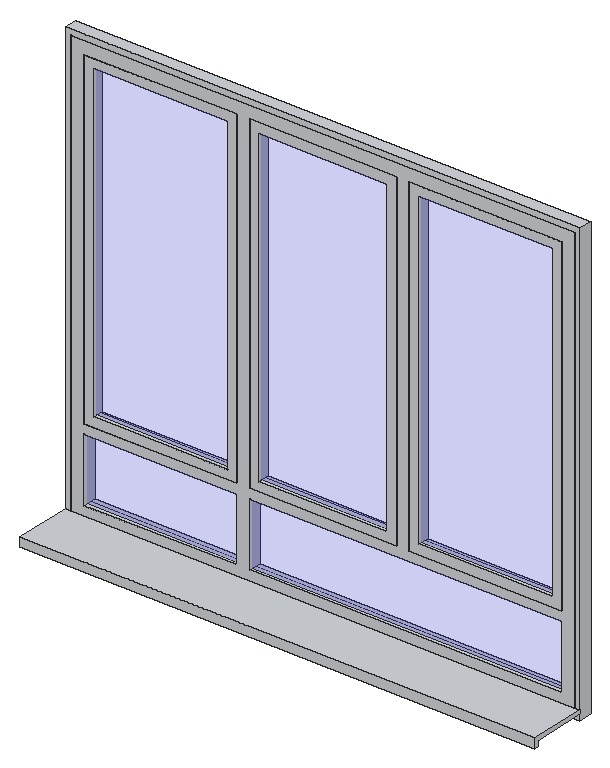
Revit family "AVLN_Окно_Фрамуга общая_3 створки_2 глухие", category Окна, Revit 2021
Family settings
  Основа = Стена
  Номер OmniClass = 23.30.20.00
  Заголовок OmniClass = Windows
  Всегда вертикально = Да
  При загрузке вырезать с полостями = Нет
  Общий = Нет
  Точка принадлежности помещению = Нет
Parameters (values of type "Для копирования!")
  Ширина рамы = 70 mm
  Ширина импоста = 50 mm
  Четверть слева/справа = 50 mm
  Четверть низ = 0 mm  # constant formula
  Четверть верх = 50 mm
  Створка_центр_ширина = 800 mm
  Створка_снизу_ширина = Width - Монтажный зазор_Слева - Монтажный зазор_Справа - Ширина рамы * 3 - Створка_справа_ширина  # 1700 mm
  Створка_снизу_высота = 350 mm
  Створка_толщина = 25 mm  # constant formula
  Толщина основы [instance] = 200 mm
  Створка_справа_ширина = Width - ((Ширина рамы * 4) + (Монтажный зазор_Слева + Монтажный зазор_Справа) + Створка_слева_ширина + Створка_центр_ширина)  # 830 mm
  Створка_слева_ширина = 830 mm
  Створка_профиль = 50 mm
  Створка_высота = Height - (Створка_снизу_высота + (Ширина рамы * 2) + Ширина импоста + (Монтажный зазор_Снизу + Монтажный зазор_Сверху))  # 1800 mm
  Определить тепловые свойства по = Тип схем
  Монтажный зазор_Справа = 30 mm
  Монтажный зазор_Снизу = 30 mm
  Монтажный зазор_Слева = 30 mm
  Монтажный зазор_Сверху = 30 mm
  Model = ""
  Верх право открывание = АВЛН_Створка открывная : Створка откидная
  Верх лево открывание = АВЛН_Створка открывная : Створка откидная
  Rough Width = Width - Монтажный зазор_Слева - Монтажный зазор_Справа  # 2740 mm
  Rough Height = Height - Монтажный зазор_Снизу - Монтажный зазор_Сверху  # 2340 mm
  Подстановочный профиль_Ширина = 20 mm  # constant formula
  Подстановочный профиль_Толщина = 60 mm
  Подоконник_Толщина = 20 mm
  Подоконник_Длина = Width  # 2800 mm
  Подоконник_Глубина = 280 mm
  Подоконник = yes
  Низ открывание = АВЛН_Створка открывная : Створка глухая
  Глубина вставки = 0 mm
  Отлив_Толщина = 1 mm  # constant formula
  Отлив_Длина = Width - [Четверть слева/справа] * 2  # 2700 mm
  Отлив_Глубина = 280 mm
  Отлив = no
  Откос_Н.Ширина = Width - 2 * [Четверть слева/справа]  # 2700 mm
  Откос_Н.Толщина.8 = 32 mm
  Откос_Н.Толщина.7 = 28 mm
  Откос_Н.Толщина.6 = 24 mm
  Откос_Н.Толщина.5 = 20 mm
  Откос_Н.Толщина.4 = 16 mm
  Откос_Н.Толщина.3 = 12 mm
  Откос_Н.Толщина.2 = 8 mm
  Откос_Н.Толщина.1 = 4 mm
  Откос_Н.Отступ_П = 0 mm  # constant formula
  Откос_Н.Отступ_Л = 0 mm  # constant formula
  Откос_Н.Количество слоев = 0
  Откос_Н.Глубина = 150 mm
  Откос_Н.Высота = Height - Четверть верх - Четверть низ  # 2350 mm
  Откос_В.Толщина.8 = 32 mm
  Откос_В.Толщина.7 = 28 mm
  Откос_В.Толщина.6 = 24 mm
  Откос_В.Толщина.5 = 20 mm
  Откос_В.Толщина.4 = 16 mm
  Откос_В.Толщина.3 = 12 mm
  Откос_В.Толщина.2 = 8 mm
  Откос_В.Толщина.1 = 4 mm
  Откос_В.Отступ_П [instance] = Монтажный зазор_Снизу + Подоконник_Толщина  # 50 mm
  Откос_В.Отступ_Л [instance] = Монтажный зазор_Снизу + Подоконник_Толщина  # 50 mm
  Откос_В.Количество слоев = 0
  Откос_В.Глубина [instance] = Толщина основы - Глубина вставки - Ширина рамы  # 130 mm
  М.Подоконник = none
  М.Отлив = none
  М.Откос_Н.8 = none
  М.Откос_Н.7 = none
  М.Откос_Н.6 = none
  М.Откос_Н.5 = none
  М.Откос_Н.4 = none
  М.Откос_Н.3 = none
  М.Откос_Н.2 = none
  М.Откос_Н.1 = ADSK_Полимеры_ Поливинилхлорид_(ПВХ) белый
  М.Откос_В.8 = none
  М.Откос_В.7 = none
  М.Откос_В.6 = none
  М.Откос_В.5 = none
  М.Откос_В.4 = none
  М.Откос_В.3 = none
  М.Откос_В.2 = none
  М.Откос_В.1 = ADSK_Полимеры_ Поливинилхлорид_(ПВХ) белый
  М.Монтажного зазора = none
  М.Стекла = Стекло
  М.Рамы = none
  М.Подоконный профиль = none
  Type Comments = ""
  Height = 2400 mm
  Высота подоконника по умолчанию = 800 mm
  Замыкание стены = По основе
  Width = 2800 mm
  Аналитическая конструкция = "<Нет>"
  АВЛН_Проем_Ширина [instance] = Width  # 2800 mm
  АВЛН_Проем_Высота [instance] = Height  # 2400 mm
  ADSK_Этаж [instance] = ""
  ADSK_Размер_Ширина = Width  # 2800 mm
  ADSK_Размер_Высота = Height  # 2400 mm
  ADSK_Примечание [instance] = ""
  ADSK_Площадь = Height * Width  # 6.72 m²
  ADSK_Обозначение = ""
  ADSK_Номер секции [instance] = ""
  ADSK_Наименование = ""
  ADSK_Марка = ""
  ADSK_Группирование = ""
  -----------Разрезка----------- = "-----------"  # constant formula
  -----------Профили----------- = "-----------"  # constant formula
  -----------Подоконник----------- = "-----------"  # constant formula
  -----------Отлив----------- = "-----------"  # constant formula
  -----------Откос----------- = "-----------"  # constant formula
  -----------Основные габариты----------- = "-----------"  # constant formula
  -----------Вставка----------- = "-----------"  # constant formula
Reference planes
  plane 1 "По центру (Вперед/Назад)": y = 0
  plane 2 "По центру (Влево/Вправо)": x = 0
  plane 3 "Слева": x = -1400
  plane 4 "Справа": x = 1400
  plane 5 "Подоконник": z = 800
  plane 6 "Заголовок": z = 3200
  plane 7 "Наружный": y = 100
  plane 8 "Внутренние": y = -100
  plane 9 "Окно": y = 100
  plane 10: x = 1370
  plane 11: z = 3170
  plane 12: x = -1370
  plane 13: z = 830
  plane 14: x = 1350
  plane 15: x = -1350
  plane 16: z = 2000
  plane 17: y = 600
  plane 18: y = -400
  plane 19: z = 3150
  plane 20 "Чет. низ": z = 800
  plane 21 "Внутряння грань": y = 30
  plane 22: y = 80
  plane 23 "Импост верх": z = 1300
  plane 24 "Импост низ": z = 1250
  plane 25: z = 900
  plane 26: z = 3100
  plane 27: x = -1300
  plane 28: x = 1300
  plane 29 "4": z = 1275
  plane 30 "5": x = 400
  plane 31 "6": x = 470
  plane 32 "9": x = 0
  plane 33 "10": x = 885
  plane 34 "11": x = -885
  plane 35 "12": z = 2200
  plane 36: z = 1075
  plane 37 "14": x = -470
  plane 38 "15": x = -400
  plane 39 "16": x = 0
  plane 40 "17": x = 450
Forms (mm)
  Extrusion 1, void
    sketch origin (0, 100, 0) x (1, 0, 0) y (0, 0, 1)
      loop
        line (1350, 3150) -> (-1350, 3150) -> (-1350, 800) -> (1350, 800) -> (1350, 3150)
    from -500 to 20
  Extrusion 2, void
    sketch origin (0, 100, 0) x (1, 0, 0) y (0, 0, 1)
      loop
        line (1400, 3200) -> (-1400, 3200) -> (-1400, 800) -> (1400, 800) -> (1400, 3200)
    from 0 to 500
  Extrusion 3, solid, material <- "М.Монтажного зазора", detail levels medium+fine
    sketch origin (0, 100, 0) x (1, 0, 0) y (0, 0, 1)
      loop
        line (1400, 3200) -> (-1400, 3200) -> (-1400, 800) -> (1400, 800) -> (1400, 3200)
      loop
        line (-1370, 3170) -> (-1370, 830) -> (1370, 830) -> (1370, 3170) -> (-1370, 3170)
    from 0 to 70
  Extrusion 4, solid, material <- "М.Рамы", detail levels medium+fine
    sketch origin (0, 100, 0) x (-1, 0, 0) y (0, 0, 1)
      loop
        line (-1370, 3170) -> (-1370, 830) -> (1370, 830) -> (1370, 3170) -> (-1370, 3170)
      loop
        line (-400, 3100) -> (-400, 1300) -> (400, 1300) -> (400, 3100) -> (-400, 3100)
      loop
        line (1300, 900) -> (1300, 1250) -> (470, 1250) -> (470, 900) -> (1300, 900)
      loop
        line (1300, 3100) -> (470, 3100) -> (470, 1300) -> (1300, 1300) -> (1300, 3100)
      loop
        line (-1300, 1250) -> (-1300, 900) -> (400, 900) -> (400, 1250) -> (-1300, 1250)
      loop
        line (-470, 3100) -> (-1300, 3100) -> (-1300, 1300) -> (-470, 1300) -> (-470, 3100)
    from -70 to 0
Lines and regions (mm)
  reference lines
    curve 1: line (-1400, -100, 1275) -> (1400, -100, 1275)
    curve 2: line (435, -100, 3200) -> (435, -100, 800)
Text (mm)
  text "EXTERIOR" at (-1963.203, 1332.353, 0), in view "Опорный уровень"
  text "INTERIOR" at (-1981.466, -818.386, 0), in view "Опорный уровень"
  text "Наружный" at (0, 923.751, 2943.296), in view "Справа"
  text "Наружный" at (0, 1240.237, 2685.409), in view "Слева"
Dimensions and locks
  equal spacing: plane 3 "Слева", plane 2 "По центру (Влево/Вправо)", plane 4 "Справа"
  "Width": plane 3 "Слева" to plane 4 "Справа"
  "Height": plane 5 "Подоконник" to plane 6 "Заголовок"
  "Высота подоконника по умолчанию": plane 5 "Подоконник" to level
  locked: plane 7 "Наружный" to host wall
  locked: plane 8 "Внутренние" to host wall
  "Глубина вставки": plane 9 "Окно" to plane 7 "Наружный"
  "Монтажный зазор_Справа": plane 10 to plane 4 "Справа"
  "Монтажный зазор_Слева": plane 3 "Слева" to plane 12
  "Монтажный зазор_Сверху": plane 11 to plane 6 "Заголовок"
  "Монтажный зазор_Снизу": plane 5 "Подоконник" to plane 13
  "Четверть слева/справа": plane 14 to plane 4 "Справа"
  "Четверть слева/справа": plane 3 "Слева" to plane 15
  equal spacing: plane 5 "Подоконник", plane 16, plane 6 "Заголовок"
  locked: plane 7 "Наружный" to plane 17 at 500
  locked: plane 18 to plane 8 "Внутренние" at 300
  "Четверть верх": plane 19 to plane 6 "Заголовок"
  "Четверть низ": plane 5 "Подоконник" to plane 20 "Чет. низ"
  "Ширина рамы": plane 9 "Окно" to plane 21 "Внутряння грань"
  "Толщина основы": host wall to host wall
  locked: plane 22 to plane 21 "Внутряння грань" at 50
  "Ширина импоста": plane 24 "Импост низ" to plane 23 "Импост верх"
  "Ширина рамы": plane 28 to plane 10
  "Ширина рамы": plane 12 to plane 27
  "Ширина рамы": plane 13 to plane 25
  "Ширина рамы": plane 26 to plane 11
  plane 23 "Импост верх" to plane 26 = 1800 mm  (x2)
  "Створка_снизу_высота": plane 25 to plane 24 "Импост низ"
  equal spacing: plane 23 "Импост верх", plane 29 "4", plane 24 "Импост низ"
  "Ширина рамы": plane 30 "5" to plane 31 "6"
  equal spacing: plane 30 "5", curve 2, plane 31 "6"
  equal spacing: plane 31 "6", plane 33 "10", plane 28
  equal spacing: plane 27, plane 34 "11", plane 37 "14"
  equal spacing: plane 26, plane 35 "12", plane 23 "Импост верх"
  equal spacing: plane 24 "Импост низ", plane 36, plane 25
  plane 31 "6" to plane 28 = 830 mm  (x2)
  plane 25 to plane 36 to plane 24 "Импост низ" = 175 mm, 175 mm
  "Ширина рамы": plane 37 "14" to plane 38 "15"
  plane 37 "14" to plane 38 "15" = 70 mm
  "Створка_центр_ширина": plane 38 "15" to plane 30 "5"
  "Створка_слева_ширина": plane 27 to plane 37 "14"
  equal spacing: plane 38 "15", plane 39 "16", plane 30 "5"
  equal spacing: plane 38 "15", plane 40 "17", plane 28
  aligned and locked: Extrusion 1 sketch curve to plane 14
  aligned and locked: Extrusion 1 sketch curve to plane 15
  aligned and locked: Extrusion 1 to plane 17
  aligned and locked: Extrusion 2 sketch curve to plane 6 "Заголовок"
  aligned and locked: Extrusion 2 sketch curve to plane 4 "Справа"
  aligned and locked: plane 5 "Подоконник" to Extrusion 2 sketch curve
  aligned and locked: plane 3 "Слева" to Extrusion 2 sketch curve
  aligned and locked: Extrusion 2 to plane 9 "Окно"
  aligned and locked: Extrusion 2 to plane 18
  aligned and locked: Extrusion 1 sketch curve to plane 19
  aligned and locked: plane 20 "Чет. низ" to Extrusion 1 sketch curve
  aligned and locked: plane 9 "Окно" to nested 1
  aligned and locked: plane 2 "По центру (Влево/Вправо)" to nested 1
  aligned and locked: nested 2 to plane 21 "Внутряння грань"
  aligned and locked: nested 2 to plane 2 "По центру (Влево/Вправо)"
  aligned and locked: nested 3 to plane 2 "По центру (Влево/Вправо)"
  aligned and locked: plane 8 "Внутренние" to nested 3
  aligned and locked: nested 4 to plane 9 "Окно"
  aligned and locked: Extrusion 3 sketch curve to plane 6 "Заголовок"
  aligned and locked: Extrusion 3 sketch curve to plane 4 "Справа"
  aligned and locked: Extrusion 3 sketch curve to nested 2  (x2)
  aligned and locked: Extrusion 3 sketch curve to plane 11
  aligned and locked: Extrusion 3 sketch curve to plane 12
  aligned and locked: Extrusion 3 sketch curve to plane 13
  aligned and locked: Extrusion 3 sketch curve to plane 10
  aligned and locked: Extrusion 3 to nested 2
  aligned and locked: Extrusion 4 sketch curve to plane 24 "Импост низ"
  aligned and locked: plane 23 "Импост верх" to Extrusion 4 sketch curve
  aligned and locked: Extrusion 4 sketch curve to Extrusion 4 sketch curve
  aligned and locked: plane 27 to Extrusion 4 sketch curve
  aligned and locked: Extrusion 4 sketch curve to plane 12
  aligned and locked: Extrusion 4 sketch curve to plane 13
  aligned and locked: Extrusion 4 sketch curve to plane 26
  aligned and locked: Extrusion 4 sketch curve to plane 11
  aligned and locked: plane 20 "Чет. низ" to nested 4
  aligned and locked: nested 4 to plane 2 "По центру (Влево/Вправо)"
  aligned and locked: Extrusion 3 to plane 9 "Окно"
  aligned and locked: Extrusion 4 to plane 21 "Внутряння грань"
  aligned and locked: Extrusion 4 to plane 9 "Окно"
  aligned and locked: Extrusion 1 to plane 22
  aligned and locked: curve 1 to plane 29 "4"
  aligned and locked: plane 3 "Слева" to curve 1
  aligned and locked: plane 4 "Справа" to curve 1
  aligned and locked: Extrusion 4 sketch curve to plane 10
  aligned and locked: plane 26 to Extrusion 4 sketch curve
  aligned and locked: Extrusion 4 sketch curve to plane 28
  aligned and locked: Extrusion 4 sketch curve to plane 23 "Импост верх"
  aligned and locked: Extrusion 4 sketch curve to plane 31 "6"
  aligned and locked: plane 6 "Заголовок" to curve 2
  aligned and locked: plane 5 "Подоконник" to curve 2
  aligned and locked: plane 28 to Extrusion 4
  aligned and locked: Extrusion 4 to plane 27
  aligned and locked: plane 32 "9" to nested 5
  aligned and locked: nested 5 to plane 16
  aligned and locked: plane 33 "10" to nested 6
  aligned and locked: nested 6 to plane 35 "12"
  aligned and locked: plane 34 "11" to nested 7
  aligned and locked: nested 7 to plane 35 "12"
  aligned and locked: plane 39 "16" to nested 8
  aligned and locked: nested 8 to Extrusion 4
  aligned and locked: Extrusion 4 sketch curve to plane 37 "14"  (x2)
  aligned and locked: plane 38 "15" to Extrusion 4 sketch curve  (x2)
  aligned and locked: nested 9 to plane 25
  aligned and locked: plane 40 "17" to nested 9
  aligned and locked: nested 10 to plane 25
  aligned and locked: plane 34 "11" to nested 10
Automatic sketch dimensions
  Extrusion 4 sketch curve to plane 25 = 0 mm  (x2)
  plane 28 to Extrusion 4 sketch curve = 0 mm
  plane 30 "5" to Extrusion 4 sketch curve = 0 mm
  Extrusion 4 sketch curve to plane 23 "Импост верх" = 0 mm
  Extrusion 4 sketch curve to plane 26 = 0 mm
  Extrusion 4 sketch curve to Extrusion 4 sketch curve = 0 mm
Nested families
  nested 1: "Отлив" at (0, 100, 800) x (-1, 0, 0) z (0, 0, 1), Глубина отлива <- "Отлив_Глубина", Длина отлива <- "Отлив_Длина", ТО <- "Отлив_Толщина", Ш_МЗЗ <- "Монтажный зазор_Снизу", Ш_ПП <- "Подстановочный профиль_Ширина", ADSK_Группирование <- "ADSK_Группирование", ADSK_Номер секции <- "ADSK_Номер секции", ADSK_Этаж <- "ADSK_Этаж", visible <- "Отлив", М <- "М.Отлив", type "Отлив", detail levels fine
    with Ш_ПП 20 mm, Ш_МЗЗ 30 mm, ТО 1 mm, М none, Длина отлива 2700 mm, Глубина отлива 280 mm, ADSK_Этаж "", ADSK_Примечание "", ADSK_Обозначение "", ADSK_Номер секции "", ADSK_Наименование "", ADSK_Марка "", ADSK_Группирование ""
  nested 2: "Подоконник" at (0, 30, 800), Глубина подоконника <- "Подоконник_Глубина", Длина отлива <- "Подоконник_Длина", ТП <- "Подоконник_Толщина", Ш_МЗЗ <- "Монтажный зазор_Снизу", Ш_ПП <- "Подстановочный профиль_Ширина", ADSK_Группирование <- "ADSK_Группирование", ADSK_Номер секции <- "ADSK_Номер секции", ADSK_Этаж <- "ADSK_Этаж", visible <- "Подоконник", М <- "М.Подоконник", type "Подоконник", detail levels fine
    with Ш_ПП 20 mm, Ш_МЗЗ 30 mm, ТП 20 mm, М none, Длина отлива 2800 mm, Глубина подоконника 280 mm, ADSK_Этаж "", ADSK_Примечание "", ADSK_Обозначение "", ADSK_Номер секции "", ADSK_Наименование "", ADSK_Марка "", ADSK_Группирование ""
  nested 3: "AVLN_Откосы_R19" at (0, -100, 0), Глубина <- "Откос_В.Глубина", Высота от уровня <- "Высота подоконника по умолчанию", ADSK_Группирование <- "Type Comments", ADSK_Этаж <- "ADSK_Этаж", ADSK_Номер секции <- "ADSK_Номер секции", Материал_1 <- "М.Откос_В.1", Материал_2 <- "М.Откос_В.2", Материал_3 <- "М.Откос_В.3", Материал_4 <- "М.Откос_В.4", Материал_5 <- "М.Откос_В.5", Материал_6 <- "М.Откос_В.6", Материал_7 <- "М.Откос_В.7", Материал_8 <- "М.Откос_В.8", Толщина_1 <- "Откос_В.Толщина.1", Толщина_2 <- "Откос_В.Толщина.2", Толщина_3 <- "Откос_В.Толщина.3", Толщина_4 <- "Откос_В.Толщина.4", Толщина_5 <- "Откос_В.Толщина.5", Толщина_6 <- "Откос_В.Толщина.6", Толщина_7 <- "Откос_В.Толщина.7", Толщина_8 <- "Откос_В.Толщина.8", Количество слоев <- "Откос_В.Количество слоев", Отступ_Л <- "Откос_В.Отступ_Л", Отступ_П <- "Откос_В.Отступ_П", Высота <- "Height", Ширина <- "Width", type "AVLN_Откосы_R19"
    with Ширина_8 2576 mm, Ширина_7 2632 mm, Ширина_6 2680 mm, Ширина_5 2720 mm, Ширина_4 2752 mm, Ширина_3 2776 mm, Ширина_2 2792 mm, Ширина 2800 mm, Толщина_8 32 mm, Толщина_7 28 mm, Толщина_6 24 mm, Толщина_5 20 mm, Толщина_4 16 mm, Толщина_3 12 mm, Толщина_2 8 mm, Толщина_1 4 mm, Отступ_П 50 mm, Отступ_Л 50 mm, Материал_8 none, Материал_7 none, Материал_6 none, Материал_5 none, Материал_4 none, Материал_3 none, Материал_2 none, Материал_1 ADSK_Полимеры_ Поливинилхлорид_(ПВХ) белый, Количество слоев 0, Глубина 130 mm, Высота_8 2288 mm, Высота_7 2316 mm, Высота_6 2340 mm, Высота_5 2360 mm, Высота_4 2376 mm, Высота_3 2388 mm, Высота_2 2396 mm, Высота от уровня 800 mm, Высота 2400 mm, Видимость_8 no, Видимость_7 no, Видимость_6 no, Видимость_5 no, Видимость_4 no, Видимость_3 no, Видимость_2 no, Видимость_1 no, ADSK_Этаж "", ADSK_Номер секции "", ADSK_Группирование ""
  nested 4: "AVLN_Откосы_R19" at (0, 100, 0), Ширина <- "Откос_Н.Ширина", Глубина <- "Откос_Н.Глубина", Высота <- "Откос_Н.Высота", Высота от уровня <- "Высота подоконника по умолчанию", ADSK_Группирование <- "Type Comments", ADSK_Этаж <- "ADSK_Этаж", ADSK_Номер секции <- "ADSK_Номер секции", Материал_1 <- "М.Откос_Н.1", Материал_2 <- "М.Откос_Н.2", Материал_3 <- "М.Откос_Н.3", Материал_4 <- "М.Откос_Н.4", Материал_5 <- "М.Откос_Н.5", Материал_6 <- "М.Откос_Н.6", Материал_7 <- "М.Откос_Н.7", Материал_8 <- "М.Откос_Н.8", Толщина_1 <- "Откос_Н.Толщина.1", Толщина_2 <- "Откос_Н.Толщина.2", Толщина_3 <- "Откос_Н.Толщина.3", Толщина_4 <- "Откос_Н.Толщина.4", Толщина_5 <- "Откос_Н.Толщина.5", Толщина_6 <- "Откос_Н.Толщина.6", Толщина_7 <- "Откос_Н.Толщина.7", Толщина_8 <- "Откос_Н.Толщина.8", Количество слоев <- "Откос_Н.Количество слоев", Отступ_Л <- "Откос_Н.Отступ_Л", Отступ_П <- "Откос_Н.Отступ_П", type "AVLN_Откосы_R19"
    with Ширина_8 2476 mm, Ширина_7 2532 mm, Ширина_6 2580 mm, Ширина_5 2620 mm, Ширина_4 2652 mm, Ширина_3 2676 mm, Ширина_2 2692 mm, Ширина 2700 mm, Толщина_8 32 mm, Толщина_7 28 mm, Толщина_6 24 mm, Толщина_5 20 mm, Толщина_4 16 mm, Толщина_3 12 mm, Толщина_2 8 mm, Толщина_1 4 mm, Отступ_П 0 mm, Отступ_Л 0 mm, Материал_8 none, Материал_7 none, Материал_6 none, Материал_5 none, Материал_4 none, Материал_3 none, Материал_2 none, Материал_1 ADSK_Полимеры_ Поливинилхлорид_(ПВХ) белый, Количество слоев 0, Глубина 150 mm, Высота_8 2238 mm, Высота_7 2266 mm, Высота_6 2290 mm, Высота_5 2310 mm, Высота_4 2326 mm, Высота_3 2338 mm, Высота_2 2346 mm, Высота от уровня 800 mm, Высота 2350 mm, Видимость_8 no, Видимость_7 no, Видимость_6 no, Видимость_5 no, Видимость_4 no, Видимость_3 no, Видимость_2 no, Видимость_1 no, ADSK_Этаж "", ADSK_Номер секции "", ADSK_Группирование ""
  nested 5: "AVLN_Обозначение проема" at (0, 100, 2000) x (0, 0, -1) z (0, -1, 0), ADSK_Размер_Высота <- "АВЛН_Проем_Ширина", ADSK_Размер_Ширина <- "АВЛН_Проем_Высота", type "AVLN_Обозначение проема", detail levels coarse
    with ADSK_Размер_Ширина 2400 mm, ADSK_Размер_Высота 2800 mm
  nested 6: "АВЛН_Створка открывная" at (885, 30, 2200) x (-1, 0, 0) z (0, 1, 0), type <- "Верх право открывание", Створка высота <- "Створка_высота", Створка ширина <- "Створка_справа_ширина", Ширина рамы <- "Створка_профиль", Материал_Ручки <- "М.Рамы", Материал_Рама <- "М.Рамы", Материал_Стеклопакет <- "М.Стекла", type "Створка откидная", detail levels medium+fine
    with Ширина рамы 50 mm, Створка ширина 830 mm, Створка высота 1800 mm, Материал_Стеклопакет Стекло, Материал_Ручки none, Материал_Рама none, Width 830 mm
  nested 7: "АВЛН_Створка открывная" at (-885, 30, 2200) x (-1, 0, 0) z (0, 1, 0), type <- "Верх лево открывание", Створка высота <- "Створка_высота", Створка ширина <- "Створка_слева_ширина", Ширина рамы <- "Створка_профиль", Материал_Ручки <- "М.Рамы", Материал_Рама <- "М.Рамы", Материал_Стеклопакет <- "М.Стекла", type "Створка откидная", detail levels medium+fine
    with Ширина рамы 50 mm, Створка ширина 830 mm, Створка высота 1800 mm, Материал_Стеклопакет Стекло, Материал_Ручки none, Материал_Рама none, Width 830 mm
  nested 8: "АВЛН_Створка открывная" at (0, 30, 2200) x (-1, 0, 0) z (0, 1, 0), type <- "Верх лево открывание", Створка высота <- "Створка_высота", Створка ширина <- "Створка_центр_ширина", Ширина рамы <- "Створка_профиль", Материал_Ручки <- "М.Рамы", Материал_Рама <- "М.Рамы", Материал_Стеклопакет <- "М.Стекла", type "Створка откидная", detail levels medium+fine
    with Ширина рамы 50 mm, Створка ширина 800 mm, Створка высота 1800 mm, Материал_Стеклопакет Стекло, Материал_Ручки none, Материал_Рама none, Width 830 mm
  nested 9: "АВЛН_Створка открывная" at (450, 30, 1075) x (-1, 0, 0) z (0, 1, 0), Створка высота <- "Створка_снизу_высота", Створка ширина <- "Створка_снизу_ширина", Ширина рамы <- "Створка_профиль", type <- "Низ открывание", Материал_Ручки <- "М.Рамы", Материал_Рама <- "М.Рамы", Материал_Стеклопакет <- "М.Стекла", type "Створка глухая", detail levels medium+fine
    with Ширина рамы 50 mm, Створка ширина 1700 mm, Створка высота 350 mm, Материал_Стеклопакет Стекло, Материал_Ручки none, Материал_Рама none, Width 830 mm
  nested 10: "АВЛН_Створка открывная" at (-885, 30, 1075) x (-1, 0, 0) z (0, 1, 0), Створка высота <- "Створка_снизу_высота", Створка ширина <- "Створка_справа_ширина", Ширина рамы <- "Створка_профиль", type <- "Низ открывание", Материал_Ручки <- "М.Рамы", Материал_Рама <- "М.Рамы", Материал_Стеклопакет <- "М.Стекла", type "Створка глухая", detail levels medium+fine
    with Ширина рамы 50 mm, Створка ширина 830 mm, Створка высота 350 mm, Материал_Стеклопакет Стекло, Материал_Ручки none, Материал_Рама none, Width 830 mm
Definition of nested family "Отлив"
  Parameters (values of type "Отлив")
    Ш_ПП [instance] = 50 mm
    Ш_МЗЗ [instance] = 35 mm
    ТО [instance] = 1 mm
    Default Elevation = 1219.2 mm
    М [instance] = none
    Длина отлива [instance] = 1560 mm
    Глубина отлива [instance] = 280 mm
    ADSK_Этаж [instance] = ""
    ADSK_Примечание [instance] = ""
    ADSK_Обозначение [instance] = ""
    ADSK_Номер секции [instance] = ""
    ADSK_Наименование [instance] = ""
    ADSK_Марка [instance] = ""
    ADSK_Группирование [instance] = ""
  Reference planes
    plane 1 "По центру (Вперед/Назад)": y = 0
    plane 2: z = 0
    plane 3 "По центру (Влево/Вправо)": x = 0
    plane 4: y = -280
    plane 5: x = -780
    plane 6: x = 780
    plane 7: z = 35
    plane 8: z = 85
    plane 9: y = -1
    plane 10: y = -300
    plane 11: y = -301
    plane 12: z = -35
    plane 13: z = 34
  Forms (mm)
    Extrusion 1, solid, material <- "М"
      sketch origin (0, 0, 0) x (0, 1, 0) y (0, 0, 1)
        loop
          line (0, 85) -> (-1, 85) -> (-1, 34.893) -> (-301, 0.893) -> (-301, -35) -> (-300, -35) -> (-300, 0) -> (0, 34) -> (0, 85)
      from -780 to 780
  Dimensions and locks
    equal spacing: plane 5, plane 3 "По центру (Влево/Вправо)", plane 6
    "Длина отлива": plane 5 to plane 6
    "Глубина отлива": plane 4 to plane 1 "По центру (Вперед/Назад)"
    "Ш_МЗЗ": plane 7 to level
    "Ш_ПП": plane 8 to plane 7
    "ТО": plane 1 "По центру (Вперед/Назад)" to plane 9
    "ТО": plane 10 to plane 11
    locked: level to plane 12 at 35
    "ТО": plane 7 to plane 13
    "ТО": Extrusion 1 sketch curve to Extrusion 1 sketch curve
    locked: plane 4 to plane 10 at 20
    aligned and locked: level to plane 2
    aligned and locked: plane 8 to Extrusion 1 sketch curve
    aligned and locked: plane 9 to Extrusion 1 sketch curve
    aligned and locked: plane 11 to Extrusion 1 sketch curve
    aligned and locked: plane 12 to Extrusion 1 sketch curve
    aligned and locked: plane 1 "По центру (Вперед/Назад)" to Extrusion 1 sketch curve  (x2)
    aligned and locked: plane 13 to Extrusion 1 sketch curve
    aligned and locked: level to Extrusion 1 sketch curve
    aligned and locked: plane 10 to Extrusion 1 sketch curve
    aligned and locked: plane 6 to Extrusion 1
    aligned and locked: Extrusion 1 to plane 5
Definition of nested family "Подоконник"
  Parameters (values of type "Подоконник")
    Ш_ПП [instance] = 50 mm
    Ш_МЗЗ [instance] = 35 mm
    ТП [instance] = 20 mm
    Default Elevation = 1219.2 mm
    М [instance] = none
    Длина отлива [instance] = 1560 mm
    Глубина подоконника [instance] = 280 mm
    ADSK_Этаж [instance] = ""
    ADSK_Примечание [instance] = ""
    ADSK_Обозначение [instance] = ""
    ADSK_Номер секции [instance] = ""
    ADSK_Наименование [instance] = ""
    ADSK_Марка [instance] = ""
    ADSK_Группирование [instance] = ""
  Reference planes
    plane 1 "По центру (Вперед/Назад)": y = 0
    plane 2: z = 0
    plane 3 "По центру (Влево/Вправо)": x = 0
    plane 4: y = -280
    plane 5: x = -780
    plane 6: x = 780
    plane 7: z = 35
    plane 8: z = 85
    plane 9: y = -20
    plane 10: y = -290
    plane 11: y = -310
    plane 12: z = -35
    plane 13: z = 15
    plane 14: z = 65
  Forms (mm)
    Extrusion 1, solid, material <- "М"
      sketch origin (0, 0, 0) x (0, 1, 0) y (0, 0, 1)
        loop
          line (0, 85) -> (-310, 85) -> (-310, 0) -> (-290, 0) -> (-290, 65) -> (0, 65) -> (0, 85)
      from -780 to 780
  Dimensions and locks
    equal spacing: plane 5, plane 3 "По центру (Влево/Вправо)", plane 6
    "Длина отлива": plane 5 to plane 6
    "Глубина подоконника": plane 4 to plane 1 "По центру (Вперед/Назад)"
    "Ш_МЗЗ": plane 7 to level
    "Ш_ПП": plane 8 to plane 7
    "ТП": plane 1 "По центру (Вперед/Назад)" to plane 9
    "ТП": plane 10 to plane 11
    locked: level to plane 12 at 35
    "ТП": plane 7 to plane 13
    locked: plane 4 to plane 10 at 10
    "ТП": plane 8 to plane 14
    aligned and locked: level to plane 2
    aligned and locked: plane 8 to Extrusion 1 sketch curve
    aligned and locked: plane 1 "По центру (Вперед/Назад)" to Extrusion 1 sketch curve
    aligned and locked: plane 10 to Extrusion 1 sketch curve
    aligned and locked: plane 11 to Extrusion 1 sketch curve
    aligned and locked: level to Extrusion 1 sketch curve
    aligned and locked: plane 14 to Extrusion 1 sketch curve
    aligned and locked: Extrusion 1 to plane 5
    aligned and locked: plane 6 to Extrusion 1
Definition of nested family "АВЛН_Створка открывная"
  Parameters (values of type "Створка повороно-откидная правая")
    Ширина рамы [instance] = 50 mm
    Width = 1600 mm
    Створка ширина [instance] = 800 mm
    Створка высота [instance] = 700 mm
    Define Thermal Properties by = 1
    Материал_Стеклопакет [instance] = none
    Поворотная Правая = yes
    Поворотная Левая = no
    Default Elevation = 1200 mm
    Открываная = yes
    Откидная = yes
    Материал_Ручки [instance] = none
    Материал_Рама [instance] = none
    Левая = yes
    Глухое = no
    Height = 1800 mm
    Analytic Construction = "<Нет>"
  Types (6, lengths in mm): name | Поворотная Правая | Поворотная Левая | Default Elevation | Открываная | Откидная | Глухое
    Створка повороно-откидная правая | yes | no | 1200 | yes | yes | no
    Створка повороно-откидная левая | no | yes | 1219.2 | yes | yes | no
    Створка глухая | no | no | 1219.2 | no | no | yes
    Створка откидная | no | no | 1219.2 | yes | yes | no
    Створка поворотная правая | yes | no | 1219.2 | yes | no | no
    Створка поворотная левая | no | yes | 1219.2 | yes | no | no
  Reference planes
    plane 1 "По центру (Вперед/Назад)": y = 0
    plane 2 "Внутрення грань": z = 0
    plane 3 "По центру (Влево/Вправо)": x = 0
    plane 4: y = 350
    plane 5: x = 400
    plane 6: y = -350
    plane 7: x = -400
    plane 8 "Наружняя грань": z = 60.433
    plane 9 "По центру Л/Р": z = 30.216
  Forms (mm)
    Extrusion 1, solid
      sketch origin (0, 0, 0) x (1, 0, 0) y (0, 1, 0)
        loop
          line (-1219.2, 1219.2) -> (-1219.2, -1219.2) -> (1219.2, -1219.2) -> (1219.2, 1219.2) -> (-1219.2, 1219.2)
      from 0 to -304.8
    Sweep 2, solid, material <- "Материал_Рама", visible <- "Открываная"
      path origin (0, 0, 0) x (1, 0, 0) y (0, 1, 0)
        loop
          line (400, 350) -> (-400, 350) -> (-400, -350) -> (400, -350) -> (400, 350)
      profile origin (0, 350, 0) x (0, -1, 0) y (0, 0, 1)
        loop
          line (0, 0) -> (50, 0) -> (50, 60.433) -> (0, 60.433) -> (0, 0)
    Extrusion 3, solid, material <- "Материал_Стеклопакет", visible <- "Открываная"
      sketch origin (0, 0, 0) x (1, 0, 0) y (0, 1, 0)
        loop
          line (-350, 300) -> (-350, -300) -> (350, -300) -> (350, 300) -> (-350, 300)
      from 17.481 to 42.952
    Extrusion 4, solid, material <- "Материал_Стеклопакет", visible <- "Глухое"
      sketch origin (0, 0, 0) x (1, 0, 0) y (0, 1, 0)
        loop
          line (-400, 350) -> (-400, -350) -> (400, -350) -> (400, 350) -> (-400, 350)
      from 17.481 to 42.952
  Lines and regions (mm)
    model lines, visible <- "Глухое", detail levels medium+fine
      curve 1: line (0, 50, 60.433) -> (0, -50, 60.433)
      curve 2: line (50, 0, 60.433) -> (-50, 0, 60.433)
      curve 17: line (0, 50, 0) -> (0, -50, 0)
      curve 18: line (50, 0, 0) -> (-50, 0, 0)
    model lines, visible <- "Глухое", not visible, detail levels medium+fine
      curve 3: line (60, 38.001, 60.433) -> (60, -61.999, 60.433)
      curve 4: line (110, -11.999, 60.433) -> (10, -11.999, 60.433)
    model lines, visible <- "Поворотная Левая", detail levels medium+fine
      curve 5: line (400, 350, 0) -> (-400, 0, 0)
      curve 6: line (400, -350, 0) -> (-400, 0, 0)
      curve 13: line (400, 350, 60.433) -> (-400, 0, 60.433)
      curve 14: line (400, -350, 60.433) -> (-400, 0, 60.433)
    model lines, visible <- "Откидная", detail levels medium+fine
      curve 7: line (-400, -350, 0) -> (0, 350, 0)
      curve 8: line (0, 350, 0) -> (400, -350, 0)
      curve 15: line (-400, -350, 60.433) -> (0, 350, 60.433)
      curve 16: line (0, 350, 60.433) -> (400, -350, 60.433)
    model lines, visible <- "Поворотная Правая", detail levels medium+fine
      curve 9: line (-400, 350, 0) -> (400, 0, 0)
      curve 10: line (-400, -350, 0) -> (400, 0, 0)
      curve 11: line (-400, 350, 60.433) -> (400, 0, 60.433)
      curve 12: line (-400, -350, 60.433) -> (400, 0, 60.433)
  Dimensions and locks
    "Створка высота": plane 4 to plane 6
    "Створка ширина": plane 7 to plane 5
    equal spacing: plane 7, plane 3 "По центру (Влево/Вправо)", plane 5
    equal spacing: plane 6, plane 1 "По центру (Вперед/Назад)", plane 4
    plane 2 "Внутрення грань" to plane 8 "Наружняя грань" = 60.433 mm
    level to Extrusion 4 = 42.952 mm
    plane 8 "Наружняя грань" to level = 60.433 mm
    equal spacing: Extrusion 3, plane 9 "По центру Л/Р", Extrusion 3
    equal spacing: plane 8 "Наружняя грань", plane 9 "По центру Л/Р", level
    Extrusion 3 to Extrusion 3 = 25.471 mm
    "Ширина рамы": profile plane to Sweep 2 sketch curve
    equal spacing: Extrusion 4, plane 9 "По центру Л/Р", Extrusion 4, locked at 12.735 each
    locked: Extrusion 4 to Extrusion 4 at 25.471
    equal spacing: Sweep 2, nested 1, Sweep 2
    equal spacing: Sweep 2, nested 2, Sweep 2
    aligned and locked: plane 2 "Внутрення грань" to Extrusion 1
    aligned and locked: level to Extrusion 1
    aligned and locked: plane 4 to Sweep 2 sketch curve
    aligned and locked: plane 5 to Sweep 2 sketch curve
    aligned and locked: plane 6 to Sweep 2 sketch curve
    aligned and locked: Sweep 2 sketch curve to plane 7
    aligned and locked: Extrusion 3 sketch curve to Sweep 2  (x4)
    aligned and locked: Extrusion 4 sketch curve to Sweep 2  (x3)
    aligned and locked: Extrusion 4 sketch curve to plane 5
    aligned and locked: Sweep 2 sketch curve to plane 8 "Наружняя грань"
    aligned and locked: plane 6 to Extrusion 4
    aligned and locked: plane 4 to Extrusion 4
    aligned and locked: curve 2 to plane 1 "По центру (Вперед/Назад)"
    aligned and locked: curve 1 to plane 3 "По центру (Влево/Вправо)"
    aligned and locked: curve 18 to plane 1 "По центру (Вперед/Назад)"
    aligned and locked: curve 17 to plane 3 "По центру (Влево/Вправо)"
    aligned and locked: nested 2 to plane 1 "По центру (Вперед/Назад)"
    aligned and locked: nested 1 to plane 1 "По центру (Вперед/Назад)"
  Automatic sketch dimensions
    Extrusion 1 sketch curve to Extrusion 1 sketch curve = 2438.4 mm  (x2)
    plane 1 "По центру (Вперед/Назад)" to curve 5 = 0 mm
    curve 5 to plane 7 = 0 mm
    curve 9 to plane 4 = 0 mm
    curve 9 to plane 7 = 0 mm
    plane 6 to curve 7 = 0 mm
    curve 7 to plane 7 = 0 mm
    curve 7 to plane 3 "По центру (Влево/Вправо)" = 0 mm
    curve 6 to plane 5 = 0 mm
    plane 1 "По центру (Вперед/Назад)" to curve 9 = 0 mm
    curve 9 to plane 5 = 0 mm
    curve 5 to plane 4 = 0 mm
    curve 5 to plane 5 = 0 mm
    plane 6 to curve 8 = 0 mm
    curve 8 to plane 4 = 0 mm
    curve 11 to plane 4 = 0 mm
    curve 11 to plane 7 = 0 mm
    plane 6 to curve 15 = 0 mm
    curve 15 to plane 7 = 0 mm
    plane 1 "По центру (Вперед/Назад)" to curve 14 = 0 mm
    curve 14 to plane 7 = 0 mm
    curve 15 to plane 3 "По центру (Влево/Вправо)" = 0 mm
    plane 1 "По центру (Вперед/Назад)" to curve 11 = 0 mm
    curve 11 to plane 5 = 0 mm
    curve 14 to plane 5 = 0 mm
    curve 13 to plane 4 = 0 mm
    curve 13 to plane 5 = 0 mm
    plane 6 to curve 14 = 0 mm
    curve 15 to plane 4 = 0 mm
    plane 1 "По центру (Вперед/Назад)" to curve 2 = 0 mm
    curve 1 to plane 3 "По центру (Влево/Вправо)" = 0 mm
    curve 2 to plane 3 "По центру (Влево/Вправо)" = 50 mm
    plane 3 "По центру (Влево/Вправо)" to curve 2 = 50 mm
    plane 1 "По центру (Вперед/Назад)" to curve 1 = 50 mm
    curve 1 to plane 1 "По центру (Вперед/Назад)" = 50 mm
    curve 18 to curve 17 = 50 mm
    curve 17 to curve 18 = 50 mm
    plane 1 "По центру (Вперед/Назад)" to curve 17 = 50 mm
    curve 17 to plane 1 "По центру (Вперед/Назад)" = 50 mm
    Sweep 2 sketch curve to level = 0 mm
    Sweep 2 sketch curve to profile plane = 0 mm
  Nested families
    nested 1: "АВЛН_Ручка" at (375, 1040, 0) x (1, 0, 0) z (0, -1, 0), visible <- "Поворотная Правая", Материал дверной ручки <- "Материал_Рама", type "АВЛН_Ручка", detail levels fine
      with Материал дверной ручки none, Высота расположения дверной ручки 1040 mm
    nested 2: "АВЛН_Ручка" at (-375, 1040, 0) x (1, 0, 0) z (0, -1, 0), visible <- "Поворотная Левая", Материал дверной ручки <- "Материал_Рама", type "АВЛН_Ручка", detail levels fine
      with Материал дверной ручки none, Высота расположения дверной ручки 1040 mm
  Definition of nested family "АВЛН_Ручка"
    Parameters (values of type "АВЛН_Ручка")
      Default Elevation = 1219.2 mm
      Материал дверной ручки [instance] = none
      Высота расположения дверной ручки [instance] = 1040 mm
      Analytic Construction = "<Нет>"
      b = 25 mm
      a = 75 mm
    Reference planes
      plane 1 "По центру (Вперед/Назад)": y = 0
      plane 2: z = 0
      plane 3 "По центру (Влево/Вправо)": x = 0
      plane 4: z = 1040
      plane 5: x = 12.5
      plane 6: x = -12.5
      plane 7: z = 1002.5
      plane 8: z = 1077.5
      plane 9: y = -15
    Forms (mm)
      Extrusion 1, solid, material <- "Материал дверной ручки"
        sketch origin (0, 0, 2080) x (-1, 0, 0) y (0, 0, -1)
          loop
            arc (-2.5, 1077.5) -> (-9.571, 1074.571) -> (-12.5, 1067.5) r 10
            line (-12.5, 1067.5) -> (-12.5, 1012.5)
            arc (-12.5, 1012.5) -> (-9.571, 1005.429) -> (-2.5, 1002.5) r 10
            line (-2.5, 1002.5) -> (2.5, 1002.5)
            arc (2.5, 1002.5) -> (9.571, 1005.429) -> (12.5, 1012.5) r 10
            line (12.5, 1012.5) -> (12.5, 1067.5)
            arc (12.5, 1067.5) -> (9.571, 1074.571) -> (2.5, 1077.5) r 10
            line (2.5, 1077.5) -> (-2.5, 1077.5)
        from 0 to 15
      Sweep 2, solid, material <- "Материал дверной ручки"
        path origin (-1040, 0, 1040) x (0, 0, -1) y (0, 1, 0)
          loop
            line (0, -15) -> (0, -38.261)
            arc (0, -38.261) -> (-2.929, -45.332) -> (-10, -48.261) r 10
            line (-10, -48.261) -> (-130, -48.261)
        profile origin (-1040, -26.63, 1040) x (0, 0, -1) y (1, 0, 0)
          loop
            circle (0, 1040) r 8
    Dimensions and locks
      "Высота расположения дверной ручки": plane 4 to level
      "a": plane 7 to plane 8
      "b": plane 6 to plane 5
      plane 6 to plane 5 = 25 mm
      locked: plane 1 "По центру (Вперед/Назад)" to plane 9 at 15
      plane 7 to plane 8 = 75 mm
      aligned and locked: level to plane 2
      aligned and locked: Extrusion 1 sketch curve to plane 7
      aligned and locked: plane 5 to Extrusion 1 sketch curve
      aligned and locked: plane 8 to Extrusion 1 sketch curve
      aligned and locked: Extrusion 1 sketch curve to plane 6
      aligned and locked: Extrusion 1 to plane 1 "По центру (Вперед/Назад)"
    Automatic sketch dimensions
      Sweep 2 sketch curve to plane 9 = 0 mm
      plane 4 to Sweep 2 sketch curve = 10 mm
      plane 9 to Sweep 2 sketch curve = 23.261 mm
      Sweep 2 sketch curve to Sweep 2 sketch curve = 120 mm
      Sweep 2 sketch curve to profile plane = 0 mm
      profile plane to Sweep 2 sketch curve = 1040 mm
      Sweep 2 sketch curve to plane 4 = 0 mm
      plane 3 "По центру (Влево/Вправо)" to Extrusion 1 sketch curve = 2.5 mm  (x2)
      Extrusion 1 sketch curve to plane 3 "По центру (Влево/Вправо)" = 2.5 mm  (x2)
      radius of Sweep 2 sketch curve = 8 mm
Definition of nested family "AVLN_Откосы_R19"
  Parameters (values of type "AVLN_Откосы_R19")
    Ширина_8 [instance] = Ширина_7 - Толщина_7 * 2  # 776 mm
    Ширина_7 [instance] = Ширина_6 - Толщина_6 * 2  # 832 mm
    Ширина_6 [instance] = Ширина_5 - Толщина_5 * 2  # 880 mm
    Ширина_5 [instance] = Ширина_4 - Толщина_4 * 2  # 920 mm
    Ширина_4 [instance] = Ширина_3 - Толщина_3 * 2  # 952 mm
    Ширина_3 [instance] = Ширина_2 - Толщина_2 * 2  # 976 mm
    Ширина_2 [instance] = Ширина - Толщина_1 * 2  # 992 mm
    Ширина [instance] = 1000 mm
    Толщина_8 [instance] = 32 mm
    Толщина_7 [instance] = 28 mm
    Толщина_6 [instance] = 24 mm
    Толщина_5 [instance] = 20 mm
    Толщина_4 [instance] = 16 mm
    Толщина_3 [instance] = 12 mm
    Толщина_2 [instance] = 8 mm
    Толщина_1 [instance] = 4 mm
    Отступ_П [instance] = 0 mm
    Отступ_Л [instance] = 0 mm
    Default Elevation = 1219.2 mm
    Материал_8 [instance] = none
    Материал_7 [instance] = none
    Материал_6 [instance] = none
    Материал_5 [instance] = none
    Материал_4 [instance] = none
    Материал_3 [instance] = none
    Материал_2 [instance] = none
    Материал_1 [instance] = none
    Type Comments = ""
    Количество слоев [instance] = 8
    Глубина [instance] = 200 mm
    Высота_8 [instance] = Высота_7 - Толщина_7  # 1388 mm
    Высота_7 [instance] = Высота_6 - Толщина_6  # 1416 mm
    Высота_6 [instance] = Высота_5 - Толщина_5  # 1440 mm
    Высота_5 [instance] = Высота_4 - Толщина_4  # 1460 mm
    Высота_4 [instance] = Высота_3 - Толщина_3  # 1476 mm
    Высота_3 [instance] = Высота_2 - Толщина_2  # 1488 mm
    Высота_2 [instance] = Высота - Толщина_1  # 1496 mm
    Высота от уровня [instance] = 377.189 mm
    Высота [instance] = 1500 mm
    Видимость_8 [instance] = Количество слоев > 7  # yes
    Видимость_7 [instance] = Количество слоев > 6  # yes
    Видимость_6 [instance] = Количество слоев > 5  # yes
    Видимость_5 [instance] = Количество слоев > 4  # yes
    Видимость_4 [instance] = Количество слоев > 3  # yes
    Видимость_3 [instance] = Количество слоев > 2  # yes
    Видимость_2 [instance] = Количество слоев > 1  # yes
    Видимость_1 [instance] = Количество слоев > 0  # yes
    ADSK_Этаж [instance] = ""
    ADSK_Номер секции [instance] = ""
    ADSK_Группирование [instance] = ""
  Reference planes
    plane 1 "По центру (Вперед/Назад)": y = 0
    plane 2: z = 0
    plane 3 "По центру (Влево/Вправо)": x = 0
    plane 4: y = 200
    plane 5: z = 377.189
  Dimensions and locks
    "Глубина": plane 4 to plane 1 "По центру (Вперед/Назад)"
    "Высота от уровня": plane 5 to level
    aligned and locked: level to plane 2
    aligned and locked: plane 3 "По центру (Влево/Вправо)" to nested 1
    aligned and locked: nested 1 to plane 1 "По центру (Вперед/Назад)"
    aligned and locked: plane 3 "По центру (Влево/Вправо)" to nested 2
    aligned and locked: nested 2 to plane 1 "По центру (Вперед/Назад)"
    aligned and locked: plane 3 "По центру (Влево/Вправо)" to nested 3
    aligned and locked: nested 3 to plane 1 "По центру (Вперед/Назад)"
    aligned and locked: plane 3 "По центру (Влево/Вправо)" to nested 4
    aligned and locked: nested 4 to plane 1 "По центру (Вперед/Назад)"
    aligned and locked: plane 3 "По центру (Влево/Вправо)" to nested 5
    aligned and locked: nested 5 to plane 1 "По центру (Вперед/Назад)"
    aligned and locked: plane 3 "По центру (Влево/Вправо)" to nested 6
    aligned and locked: nested 6 to plane 1 "По центру (Вперед/Назад)"
    aligned and locked: plane 3 "По центру (Влево/Вправо)" to nested 7
    aligned and locked: nested 7 to plane 1 "По центру (Вперед/Назад)"
    aligned and locked: plane 3 "По центру (Влево/Вправо)" to nested 8
    aligned and locked: nested 8 to plane 1 "По центру (Вперед/Назад)"
  Nested families
    nested 1: "Откос_R1" at (0, 100, 377.189), ADSK_Размер_Глубина <- "Глубина", built-in parameter 1001364 <- "Высота от уровня", ADSK_Группирование <- "ADSK_Группирование", ADSK_Номер секции <- "ADSK_Номер секции", ADSK_Этаж <- "ADSK_Этаж", visible <- "Видимость_1", Видимость <- "Видимость_1", Материал <- "Материал_1", ADSK_Размер_Высота <- "Высота", ADSK_Размер_Толщина <- "Толщина_1", ADSK_Размер_Ширина <- "Ширина", Отступ_Л <- "Отступ_Л", Отступ_П <- "Отступ_П", type "Откос_R19 2"
      with Площадь 0.80 m², Отступ_П 0 mm, Отступ_Л 0 mm, Материал none, Видимость yes, ADSK_Этаж "", ADSK_Размер_Ширина 1000 mm, ADSK_Размер_Толщина 4 mm, ADSK_Размер_Глубина 200 mm, ADSK_Размер_Высота 1500 mm, ADSK_Номер секции "", ADSK_Группирование ""
    nested 2: "Откос_R1" at (0, 100, 377.189), ADSK_Размер_Глубина <- "Глубина", built-in parameter 1001364 <- "Высота от уровня", ADSK_Группирование <- "ADSK_Группирование", ADSK_Номер секции <- "ADSK_Номер секции", ADSK_Этаж <- "ADSK_Этаж", visible <- "Видимость_2", Видимость <- "Видимость_2", Материал <- "Материал_2", ADSK_Размер_Высота <- "Высота_2", ADSK_Размер_Толщина <- "Толщина_2", ADSK_Размер_Ширина <- "Ширина_2", Отступ_Л <- "Отступ_Л", Отступ_П <- "Отступ_П", type "Откос_R19 2"
      with Площадь 0.7968 m², Отступ_П 0 mm, Отступ_Л 0 mm, Материал none, Видимость yes, ADSK_Этаж "", ADSK_Размер_Ширина 992 mm, ADSK_Размер_Толщина 8 mm, ADSK_Размер_Глубина 200 mm, ADSK_Размер_Высота 1496 mm, ADSK_Номер секции "", ADSK_Группирование ""
    nested 3: "Откос_R1" at (0, 100, 377.189), ADSK_Размер_Глубина <- "Глубина", built-in parameter 1001364 <- "Высота от уровня", ADSK_Группирование <- "ADSK_Группирование", ADSK_Номер секции <- "ADSK_Номер секции", ADSK_Этаж <- "ADSK_Этаж", visible <- "Видимость_3", Видимость <- "Видимость_3", Материал <- "Материал_3", ADSK_Размер_Высота <- "Высота_3", ADSK_Размер_Толщина <- "Толщина_3", ADSK_Размер_Ширина <- "Ширина_3", Отступ_Л <- "Отступ_Л", Отступ_П <- "Отступ_П", type "Откос_R19 2"
      with Площадь 0.7904 m², Отступ_П 0 mm, Отступ_Л 0 mm, Материал none, Видимость yes, ADSK_Этаж "", ADSK_Размер_Ширина 976 mm, ADSK_Размер_Толщина 12 mm, ADSK_Размер_Глубина 200 mm, ADSK_Размер_Высота 1488 mm, ADSK_Номер секции "", ADSK_Группирование ""
    nested 4: "Откос_R1" at (0, 100, 377.189), ADSK_Размер_Глубина <- "Глубина", built-in parameter 1001364 <- "Высота от уровня", ADSK_Группирование <- "ADSK_Группирование", ADSK_Номер секции <- "ADSK_Номер секции", ADSK_Этаж <- "ADSK_Этаж", visible <- "Видимость_4", Видимость <- "Видимость_4", Материал <- "Материал_4", ADSK_Размер_Высота <- "Высота_4", ADSK_Размер_Толщина <- "Толщина_4", ADSK_Размер_Ширина <- "Ширина_4", Отступ_Л <- "Отступ_Л", Отступ_П <- "Отступ_П", type "Откос_R19 2"
      with Площадь 0.7808 m², Отступ_П 0 mm, Отступ_Л 0 mm, Материал none, Видимость yes, ADSK_Этаж "", ADSK_Размер_Ширина 952 mm, ADSK_Размер_Толщина 16 mm, ADSK_Размер_Глубина 200 mm, ADSK_Размер_Высота 1476 mm, ADSK_Номер секции "", ADSK_Группирование ""
    nested 5: "Откос_R1" at (0, 100, 377.189), ADSK_Размер_Глубина <- "Глубина", built-in parameter 1001364 <- "Высота от уровня", ADSK_Группирование <- "ADSK_Группирование", ADSK_Номер секции <- "ADSK_Номер секции", ADSK_Этаж <- "ADSK_Этаж", visible <- "Видимость_5", Видимость <- "Видимость_5", Материал <- "Материал_5", ADSK_Размер_Высота <- "Высота_5", ADSK_Размер_Толщина <- "Толщина_5", ADSK_Размер_Ширина <- "Ширина_5", Отступ_Л <- "Отступ_Л", Отступ_П <- "Отступ_П", type "Откос_R19 2"
      with Площадь 0.768 m², Отступ_П 0 mm, Отступ_Л 0 mm, Материал none, Видимость yes, ADSK_Этаж "", ADSK_Размер_Ширина 920 mm, ADSK_Размер_Толщина 20 mm, ADSK_Размер_Глубина 200 mm, ADSK_Размер_Высота 1460 mm, ADSK_Номер секции "", ADSK_Группирование ""
    nested 6: "Откос_R1" at (0, 100, 377.189), ADSK_Размер_Глубина <- "Глубина", built-in parameter 1001364 <- "Высота от уровня", ADSK_Группирование <- "ADSK_Группирование", ADSK_Номер секции <- "ADSK_Номер секции", ADSK_Этаж <- "ADSK_Этаж", visible <- "Видимость_6", Видимость <- "Видимость_6", Материал <- "Материал_6", ADSK_Размер_Высота <- "Высота_6", ADSK_Размер_Толщина <- "Толщина_6", ADSK_Размер_Ширина <- "Ширина_6", Отступ_Л <- "Отступ_Л", Отступ_П <- "Отступ_П", type "Откос_R19 2"
      with Площадь 0.752 m², Отступ_П 0 mm, Отступ_Л 0 mm, Материал none, Видимость yes, ADSK_Этаж "", ADSK_Размер_Ширина 880 mm, ADSK_Размер_Толщина 24 mm, ADSK_Размер_Глубина 200 mm, ADSK_Размер_Высота 1440 mm, ADSK_Номер секции "", ADSK_Группирование ""
    nested 7: "Откос_R1" at (0, 100, 377.189), ADSK_Размер_Глубина <- "Глубина", built-in parameter 1001364 <- "Высота от уровня", ADSK_Группирование <- "ADSK_Группирование", ADSK_Номер секции <- "ADSK_Номер секции", ADSK_Этаж <- "ADSK_Этаж", visible <- "Видимость_7", Видимость <- "Видимость_7", Материал <- "Материал_7", ADSK_Размер_Высота <- "Высота_7", ADSK_Размер_Толщина <- "Толщина_7", ADSK_Размер_Ширина <- "Ширина_7", Отступ_Л <- "Отступ_Л", Отступ_П <- "Отступ_П", type "Откос_R19 2"
      with Площадь 0.7328 m², Отступ_П 0 mm, Отступ_Л 0 mm, Материал none, Видимость yes, ADSK_Этаж "", ADSK_Размер_Ширина 832 mm, ADSK_Размер_Толщина 28 mm, ADSK_Размер_Глубина 200 mm, ADSK_Размер_Высота 1416 mm, ADSK_Номер секции "", ADSK_Группирование ""
    nested 8: "Откос_R1" at (0, 100, 377.189), ADSK_Размер_Глубина <- "Глубина", built-in parameter 1001364 <- "Высота от уровня", ADSK_Группирование <- "ADSK_Группирование", ADSK_Номер секции <- "ADSK_Номер секции", ADSK_Этаж <- "ADSK_Этаж", visible <- "Видимость_8", Видимость <- "Видимость_8", Материал <- "Материал_8", ADSK_Размер_Высота <- "Высота_8", ADSK_Размер_Толщина <- "Толщина_8", ADSK_Размер_Ширина <- "Ширина_8", Отступ_Л <- "Отступ_Л", Отступ_П <- "Отступ_П", type "Откос_R19 2"
      with Площадь 0.7104 m², Отступ_П 0 mm, Отступ_Л 0 mm, Материал none, Видимость yes, ADSK_Этаж "", ADSK_Размер_Ширина 776 mm, ADSK_Размер_Толщина 32 mm, ADSK_Размер_Глубина 200 mm, ADSK_Размер_Высота 1388 mm, ADSK_Номер секции "", ADSK_Группирование ""
  Definition of nested family "Откос_R1"
    Parameters (values of type "Откос_R19")
      Площадь [instance] = (ADSK_Размер_Ширина + 2 * ADSK_Размер_Высота) * ADSK_Размер_Глубина  # 2.93564 m²
      Отступ_П [instance] = 0 mm
      Отступ_Л [instance] = 0 mm
      Материал [instance] = none
      Model = "Внутренний слой откоса"  # constant formula
      Видимость [instance] = yes
      ADSK_Этаж [instance] = ""
      ADSK_Размер_Ширина [instance] = 1880 mm
      ADSK_Размер_Толщина [instance] = 164.158 mm
      ADSK_Размер_Глубина [instance] = 560 mm
      ADSK_Размер_Высота [instance] = 1681.106 mm
      ADSK_Примечание = ""
      ADSK_Обозначение = ""
      ADSK_Номер секции [instance] = ""
      ADSK_Наименование = ""
      ADSK_Марка = ""
      ADSK_Группирование [instance] = ""
    Reference planes
      plane 1 "По центру (Вперед/Назад)": y = 0
      plane 2: z = 0
      plane 3 "По центру (Влево/Вправо)": x = 0
      plane 4: x = -940
      plane 5: x = 940
      plane 6: y = 280
      plane 7: y = -280
      plane 8: x = -775.842
      plane 9: z = 1681.106
      plane 10: z = 0
      plane 11: z = 0
    Forms (mm)
      Sweep 1, solid, material <- "Материал", visible <- "Видимость"
        path origin (0, 0, 0) x (1, 0, 0) y (0, 0, 1)
          loop
            line (940, 0) -> (940, 1681.106) -> (-940, 1681.106) -> (-940, 0)
        profile origin (-940, 0, 840.553) x (0, -1, 0) y (1, 0, 0)
          loop
            line (-280, 0) -> (280, 0) -> (280, 164.158) -> (-280, 164.158) -> (-280, 0)
    Dimensions and locks
      equal spacing: plane 6, plane 1 "По центру (Вперед/Назад)", plane 7
      equal spacing: plane 4, plane 3 "По центру (Влево/Вправо)", plane 5
      "ADSK_Размер_Толщина": plane 4 to plane 8
      "ADSK_Размер_Глубина": plane 6 to plane 7
      "ADSK_Размер_Высота": plane 9 to level
      "ADSK_Размер_Ширина": plane 5 to plane 4
      "Отступ_Л": plane 10 to level
      "Отступ_П": plane 11 to level
      aligned and locked: level to plane 2
      aligned and locked: Sweep 1 sketch curve to plane 4
      aligned and locked: Sweep 1 sketch curve to plane 9
      aligned and locked: Sweep 1 sketch curve to plane 5
      aligned and locked: plane 6 to Sweep 1 sketch curve
      aligned and locked: profile plane to Sweep 1 sketch curve
      aligned and locked: Sweep 1 sketch curve to plane 7
      aligned and locked: plane 8 to Sweep 1 sketch curve
      aligned and locked: plane 10 to Sweep 1 sketch curve
      aligned and locked: plane 11 to Sweep 1 sketch curve
Definition of nested family "AVLN_Обозначение проема"
  Parameters (values of type "AVLN_Обозначение проема")
    Длина [instance] = 200 mm
    ADSK_Размер_Ширина [instance] = 1200 mm
    ADSK_Размер_Высота [instance] = 1800 mm
  Reference planes
    plane 1 "По центру (Вперед/Назад)": y = 0
    plane 2: z = 0
    plane 3 "По центру (Влево/Вправо)": x = 0
    plane 4: y = 900
    plane 5: y = -900
    plane 6: x = 600
    plane 7: x = -600
    plane 8: x = -400
    plane 9: y = 700
  Lines and regions (mm)
    Masking region 1, in view "Опорный уровень"
      outline origin (0, 0, 0) x (1, 0, 0) y (0, 1, 0)
        loop
          line (600, 900) -> (-400, 700) -> (-600, -900) -> (600, -900) -> (600, 900)
    Filled region 1, type "Сплошная заливка - Черный", in view "Опорный уровень"
      outline origin (0, 0, 0) x (1, 0, 0) y (0, 1, 0)
        loop
          line (600, 900) -> (-600, 900) -> (-600, -900) -> (-400, 700) -> (600, 900)
  Dimensions and locks
    equal spacing: plane 4, plane 1 "По центру (Вперед/Назад)", plane 5
    equal spacing: plane 7, plane 3 "По центру (Влево/Вправо)", plane 6
    "ADSK_Размер_Высота": plane 4 to plane 5
    "ADSK_Размер_Ширина": plane 7 to plane 6
    "Длина": plane 7 to plane 8
    "Длина": plane 4 to plane 9
    aligned and locked: plane 6 to Masking region 1 sketch curve
    aligned and locked: Masking region 1 sketch curve to plane 5
    aligned and locked: plane 4 to Filled region 1 sketch curve
    aligned and locked: Filled region 1 sketch curve to plane 7
    aligned and locked: plane 5 to Filled region 1 sketch curve
    aligned and locked: Masking region 1 sketch curve to Filled region 1  (x2)
    aligned and locked: plane 8 to Filled region 1 sketch curve
    aligned and locked: plane 9 to Filled region 1 sketch curve
  Automatic sketch dimensions
    Filled region 1 sketch curve to plane 6 = 0 mm
